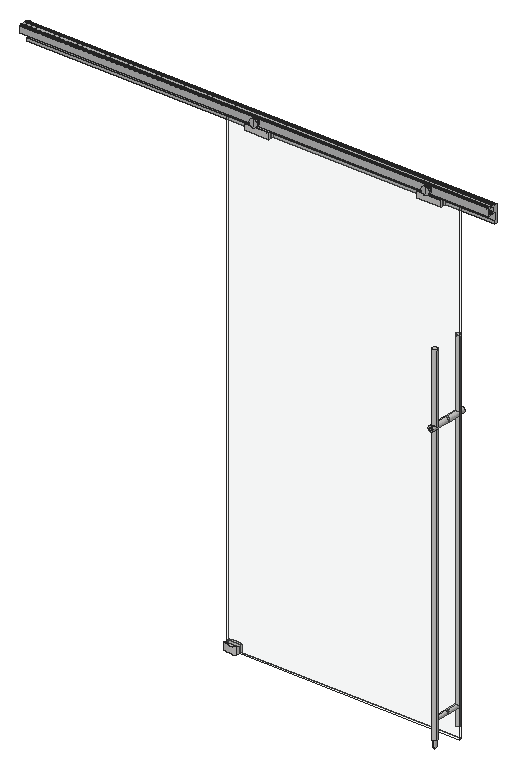
Revit family "Doors_Sliding_Avanti_Systems_Cloud-Assisted-Close-Premium-Sliding-Glass-Door_Glass-Mount-Dbl-Glazed", category Doors, Revit 2015
Parameters (values of type "Load Family Type Catalog")
  Youtube clip = ""
  Weight Net (Kg) = "0"
  Warranty = "1 year"  # constant formula
  Uniformat II Description = "Interior Doors"
  Uniformat II Code = "C1020"
  Uniclass 2015 Name = "Sliding door and partition sets"
  Uniclass 2015 Code = "Pr_30_59_24_80"
  Uniclass 2.0 Description = "Sliding Door And Partition Sets"
  Uniclass 2.0 Code = "PR-59-23-77"
  Uniclass 1.4 Description = "Doors"
  Uniclass 1.4 Code = "JL20"
  URL = "https://www.avantisystemsusa.com"
  UNSPSC Code = "30171501"
  Type Comments = ""
  Type = 1
  Thickness = if(Type = 1, 1/2", if(Type = 2, 3/8", if(Type = 3, 9/16", 9/16")))  # 1/2"
  Technical description = ""
  Sound Rating = 0
  Region South America = "All"
  Region Oceania = "All"
  Region North America = "All"
  Region Middle East = "All"
  Region Europe = "All"
  Region Asia = "All"
  Region Antarctica = "All"
  Region Africa = "All"
  Rail material = Polyester powder - Avanti - White aluminium METALLIC - RAL9006
  Rail Length [instance] = (Opening Width * 2) + 6 5/16"  # 80 5/16"
  QR code = "http://bimobject.com/avantisystems/product/avanti-cloud-assisted-close"
  Product url = "https://www.avantisystemsusa.com/glass-products/doors/sliding-doors/assisted-close/"
  Product group = "Assisted Close"
  Product family = "Sliding Doors"
  Product data url = "https://bimobject.com/avantisystems/product/avanti-cloud-assisted-close"
  Product certification = ""
  Product SKU = "avanti-cloud-assisted-close"
  Product Guid = "9d9dc9e6-079c-47eb-8ec1-d69015d0589f"
  Opening Width [instance] = 37"
  OmniClass Description = "Sliding All Glass Doors"
  OmniClass Code = "23-17 11 23 13"
  Nominal width = 0"
  Nominal height = 0"
  NBS Reference Description = "Sliding Door And Partition Sets"
  NBS Reference Code = "59-23-77"
  Model = "Cloud ™ Assisted Close Premium Sliding Glass Door"  # constant formula
  Material secondary = "Aluminium"
  Material main = "Glass"
  Masterformat 2014 Description = "Sliding Aluminum-Framed Glass Doors"
  Masterformat 2014 Code = "08 32 13"
  Manufacturer name = "Avanti Systems"
  Manufacturer country = ""
  Manufacturer = "Avanti Systems USA"  # constant formula
  Lock = "Thumb turn floor lock with a key"
  Ladder Pull Height [instance] = 18"
  LEED compatibility = "YES"
  Installation instructions = ""
  IFC Classification = "Door"
  Hardware material [instance] = Stainless Steel - Avanti- Brushed Finish
  Handle type [instance] = Handle : 60" Ladder Pull
  Glazing = "Safety Glazing SGCC"
  Glass Width [instance] = 40"
  Glass Material = Glass - Avanti - Laminated Glass
  Glass Marker = yes
  Glass Height [instance] = 81.93638"
  Gap Thickness = if(Type = 1, (25/64" + 5/64"), if(Type = 2, (33/64" + 5/64"), if(Type = 3, (21/64" + 5/64"), 21/64")))  # 15/32"
  Function = Interior
  Edition number = 1
  EAN code = ""
  Design country = "United States"
  Description = "Premium automated interior sliding glass door which can be integrated int the Solare Single Glazed, Solare Double Glazed, Elite Frree standing and a solid traditional wall."  # constant formula
  Date of publishing = ""
  Clear Anodic Finish = "AAMA 611, AA-M12c22A31, Class II, 0.01mm or thicker"
  COBIe Type Category = ""
  Brand url = "http://www.avantisystemsusa.com/"
  BIMobject main category code = "doors"
  BIMobject main category = "Doors"
  BIMobject category code = "doors-sliding"
  BIMobject category = "Sliding"
  Analytic Construction = "<None>"
Reference planes (in)
  plane 1 "Center (Front/Back)": y = 0
  plane 2: z = 0
  plane 3 "Center (Left/Right)": x = 3.24894
  plane 4: x = -15.25106
  plane 5: x = 21.74894
  plane 6 "Top": z = 80.90824
  plane 7 "Curtain_wall_center": y = 1.41797
  plane 8 "Curtain_wall_exterior": y = 1.66797
  plane 9 "Curtain_wall_interior": y = 1.16797
  plane 10 "Top_panel_height": z = 80.90824
  plane 11 "Doors_exterior": y = 2.63672
  plane 12 "Doors_center": y = 2.38672
  plane 13 "Doors_interior": y = 2.13672
  plane 14 "Door_offset_left": x = -16.75106
  plane 15 "Door_offset_right": x = 23.24894
  plane 16 "Door_offset_top": z = 82.40824
  plane 17 "Handle_placement_top": z = 18
  plane 18 "Handle_placement_level": x = 20.74894
  plane 19: x = -14.76823
  plane 20: z = 0.15191
  plane 21: x = -51.87606
  plane 22: x = 28.43644
  plane 23: x = 17.99894
  plane 24: x = -11.50106
  plane 25: z = 83.82431
  plane 26: z = 40.45412
  plane 27: z = 82.08829
Forms (in)
  Extrusion 1, solid, material "Glass - Avanti - Laminated Glass" <- "Glass Material"
    sketch origin (0, 0, 0) x (1, 0, 0) y (0, 1, 0)
      loop
        line (-16.75106, 2.63672) -> (-16.75106, 2.13672) -> (23.24894, 2.13672) -> (23.24894, 2.63672) -> (-16.75106, 2.63672)
    from 0.15191 to 82.08829
  Extrusion 2, solid, material "Stainless Steel - Avanti- Brushed Finish" <- "Hardware material"
    sketch origin (0, 0, 0) x (1, 0, 0) y (0, 1, 0)
      loop
        arc (-17.01409, 1.87078) -> (-15.89116, 1.66845) -> (-14.76823, 1.87078) r 3.2173
        line (-14.76823, 1.87078) -> (-14.76823, 2.90266)
        arc (-14.76823, 2.90266) -> (-15.89116, 3.10425) -> (-17.01409, 2.90266) r 3.22828
        line (-17.01409, 2.90266) -> (-17.01409, 1.87078)
    from 0 to 1.21575
  Extrusion 3, void
    sketch origin (3.24894, 0, 0) x (0, 1, 0) y (0, 0, 1)
      loop
        line (2.63672, 1.21575) -> (2.13672, 1.21575) -> (2.13672, 0.15191) -> (2.63672, 0.15191) -> (2.63672, 1.21575)
    from -20.26303 to -18.01717
  Sweep 4, solid, material "Polyester powder - Avanti - White aluminium METALLIC - RAL9006" <- "Rail material"
    path origin (0, 0, 0) x (1, 0, 0) y (0, 0, 1)
      loop
        line (28.43644, 82.40824) -> (-51.87606, 82.40824)
    profile origin (-11.71981, 0, 82.40824) x (0, 0, -1) y (0, -1, 0)
      loop
        line (1.5, -3.46128) -> (1.5, -3.06894) -> (1.06846, -3.06894) -> (1.06846, -3.19841) -> (1.44115, -3.19841) -> (1.44115, -3.40243) -> (-0.21029, -3.40243) -> (-0.21029, -2.6886) -> (-0.28288, -2.62007) -> (-0.35422, -2.62007) -> (-0.30759, -2.68424) -> (-0.35269, -2.84156) -> (-0.49515, -2.96109) -> (-1.16886, -2.96109) -> (-1.26774, -2.63768) -> (-1.35986, -2.60517) -> (-1.35986, -2.16352) -> (-1.26774, -2.13101) -> (-1.17966, -1.84292) -> (-0.4529, -1.84292) -> (-0.35275, -1.92696) -> (-0.30759, -2.08445) -> (-0.35415, -2.14854) -> (-0.27886, -2.14854) -> (-0.21029, -2.07996) -> (-0.21655, -1.76838) -> (-1.3847, -1.76838) -> (-1.3847, -1.87234) -> (-1.50502, -1.87234) -> (-1.50502, -1.93119) -> (-1.29283, -1.93119) -> (-1.33437, -2.06715) -> (-1.50502, -2.12736) -> (-1.50502, -2.68709) -> (-1.36928, -2.73499) -> (-1.31035, -2.92773) -> (-1.50502, -2.92773) -> (-1.50502, -2.98659) -> (-1.38759, -2.98659) -> (-1.38759, -3.40243) -> (-1.43855, -3.40243) -> (-1.43855, -3.46128) -> (1.5, -3.46128)
      loop
        line (-1.33266, -3.09056) -> (-1.33266, -3.40243) -> (-0.41191, -3.40243) -> (-0.41191, -3.09056) -> (-1.33266, -3.09056)
Cuts and joins
  Extrusion 3 cuts Extrusion 2
Lines and regions (in)
  symbolic lines, style "0"
    curve 1: line (-17.01409, 1.85906, 0) -> (-17.01409, 2.91526, 0)
    curve 2: line (-14.76823, 1.85906, 0) -> (-14.76823, 2.91526, 0)
    curve 3: circle (-16.75106, 2.375, 0) r 0.22256 normal (0, 0, 1)
    curve 4: circle (-16.75106, 2.375, 0) r 0.13151 normal (0, 0, 1)
    curve 5: circle (-15.03126, 2.375, 0) r 0.22256 normal (0, 0, 1)
    curve 6: circle (-15.03126, 2.375, 0) r 0.13151 normal (0, 0, 1)
    curve 7: arc (-15.42624, 2.00069, 0) -> (-15.29429, 2.375, 0) -> (-15.42624, 2.74931, 0) r 0.59687
    curve 8: arc (-16.35608, 2.74931, 0) -> (-16.48803, 2.375, 0) -> (-16.35608, 2.00069, 0) r 0.59687
    curve 9: arc (-14.76823, 2.91526, 0) -> (-15.89116, 3.10425, 0) -> (-17.01409, 2.91526, 0) r 3.43052
    curve 10: line (-14.76823, 2.74931, 0) -> (-17.01409, 2.74931, 0)
    curve 11: line (-14.76823, 2.00069, 0) -> (-17.01409, 2.00069, 0)
    curve 23: arc (-14.76823, 1.85906, 0) -> (-15.89116, 1.65673, 0) -> (-17.01409, 1.85906, 0) r 3.2173
    curve 37: line (-14.76823, 2.13672, 0) -> (23.24894, 2.13672, 0)
    curve 38: line (23.24894, 2.13672, 0) -> (23.24894, 2.63672, 0)
    curve 39: line (-14.76823, 2.63672, 0) -> (23.24894, 2.63672, 0)
    curve 40: line (3.24894, 2.63672, 0.15191) -> (3.24894, 2.63672, 82.08829)
    curve 41: line (3.24894, 2.13672, 0.15191) -> (3.24894, 2.63672, 0.15191)
    curve 42: line (3.24894, 2.13672, 82.08718) -> (3.24894, 2.13672, 0.15191)
  symbolic lines, style "0", not visible
    curve 12: line (-11.39483, 5.69093, 0) -> (-11.39483, 4.63472, 0)
    curve 13: line (-13.64069, 5.69093, 0) -> (-13.64069, 4.63472, 0)
    curve 14: circle (-11.65786, 5.17499, 0) r 0.22256 normal (0, 0, 1)
    curve 15: circle (-11.65786, 5.17499, 0) r 0.13151 normal (0, 0, 1)
    curve 16: circle (-13.37767, 5.17499, 0) r 0.22256 normal (0, 0, 1)
    curve 17: circle (-13.37767, 5.17499, 0) r 0.13151 normal (0, 0, 1)
    curve 18: arc (-12.98268, 5.5493, 0) -> (-13.11464, 5.17499, 0) -> (-12.98268, 4.80068, 0) r 0.59687
    curve 19: arc (-12.05285, 4.80068, 0) -> (-11.92089, 5.17499, 0) -> (-12.05285, 5.5493, 0) r 0.59687
    curve 20: arc (-13.64069, 4.63472, 0) -> (-12.51776, 4.44573, 0) -> (-11.39483, 4.63472, 0) r 3.43052
    curve 21: line (-13.64069, 4.80068, 0) -> (-11.39483, 4.80068, 0)
    curve 22: line (-13.64069, 5.5493, 0) -> (-11.39483, 5.5493, 0)
    curve 24: arc (-13.64069, 5.69093, 0) -> (-12.51776, 5.89326, 0) -> (-11.39483, 5.69093, 0) r 3.2173
  symbolic lines, style "0", detail levels medium+fine
    curve 25: circle (20.74894, 4.91063, 0) r 0.39445 normal (0, 0, 1)
    curve 26: line (20.43894, 4.66672, 0) -> (20.43894, 2.63672, 0)
    curve 27: line (21.06195, 4.67059, 0) -> (21.06195, 2.63672, 0)
    curve 28: circle (20.74894, -0.13719, 0) r 0.39445 normal (0, 0, -1)
    curve 29: line (20.43894, 0.10671, 0) -> (20.43894, 2.13672, 0)
    curve 30: line (21.06195, 0.10285, 0) -> (21.06195, 2.13672, 0)
  symbolic lines, style "0", not visible, detail levels medium+fine
    curve 31: circle (20.74894, 4.89891, 0) r 0.39445 normal (0, 0, 1)
    curve 32: line (20.43894, 4.65501, 0) -> (20.43894, 2.625, 0)
    curve 33: line (21.06195, 4.65887, 0) -> (21.06195, 2.625, 0)
    curve 34: circle (20.74894, -0.14891, 0) r 0.39445 normal (0, 0, -1)
    curve 35: line (20.43894, 0.09499, 0) -> (20.43894, 2.125, 0)
    curve 36: line (21.06195, 0.09113, 0) -> (21.06195, 2.125, 0)
  symbolic lines, visible <- "Glass Marker"
    curve 43: line (0.42051, -0.24998, 37.62569) -> (6.07737, -0.24998, 43.28255)
    curve 44: line (3.24894, -0.24998, 38.60616) -> (5.0969, -0.24998, 40.45412)
    curve 45: line (1.40098, -0.24998, 40.45412) -> (3.24894, -0.24998, 42.30208)
  symbolic lines, not visible
    curve 46: line (1.40098, 0.25002, 40.45412) -> (5.0969, 0.25002, 40.45412)
    curve 51: line (-1.84534, 0.25002, 22.66367) -> (1.85057, 0.25002, 22.66367)
  model lines, not visible
    curve 47: line (3.24894, 0.25002, 38.60616) -> (3.24894, 0.25002, 42.30208)
    curve 52: line (0.00262, 0.25002, 20.81572) -> (0.00262, 0.25002, 24.51163)
  symbolic lines, visible <- "Glass Marker", not visible
    curve 48: line (-2.82581, -0.24998, 19.83525) -> (2.83104, -0.24998, 25.4921)
    curve 49: line (0.00262, -0.24998, 20.81572) -> (1.85057, -0.24998, 22.66367)
    curve 50: line (-1.84534, -0.24998, 22.66367) -> (0.00262, -0.24998, 24.51163)
  symbolic lines, style "DoorsHiddenLines", not visible
    curve 53: line (-16.26409, 2.38672, 0) -> (-16.07572, 2.38672, 0)
    curve 54: line (-12.14483, 5.16327, 0) -> (-12.33321, 5.16327, 0)
Text (in)
  text "Exterior" at (-45.72835, 31.38743, 0), in view "Ref. Level"
Dimensions and locks (in)
  equal spacing: plane 4, plane 3 "Center (Left/Right)", plane 5  (x2)
  equal spacing: plane 8 "Curtain_wall_exterior", plane 7 "Curtain_wall_center", plane 9 "Curtain_wall_interior"
  equal spacing: plane 11 "Doors_exterior", plane 12 "Doors_center", plane 13 "Doors_interior"
  "Gap Thickness": plane 13 "Doors_interior" to plane 8 "Curtain_wall_exterior"
  locked: plane 5 to plane 15 "Door_offset_right" at 1.5
  locked: plane 14 "Door_offset_left" to plane 4 at 1.5
  "Thickness": plane 11 "Doors_exterior" to plane 13 "Doors_interior"
  "Thickness": plane 8 "Curtain_wall_exterior" to plane 9 "Curtain_wall_interior"
  "Ladder Pull Height": plane 2 to plane 17 "Handle_placement_top"
  locked: plane 18 "Handle_placement_level" to plane 15 "Door_offset_right" at 2.5
  equal spacing: plane 14 "Door_offset_left", plane 3 "Center (Left/Right)", plane 15 "Door_offset_right"
  "Opening Width": plane 4 to plane 5
  locked: plane 4 to plane 19 at 0.48283
  locked: plane 18 "Handle_placement_level" to curve 27 at 0.31301
  locked: plane 18 "Handle_placement_level" to curve 30 at 0.31301
  Extrusion 1 to Extrusion 1 = 1/2"
  locked: plane 5 to plane 22 at 6.6875
  "Rail Length": plane 21 to plane 22
  plane 11 "Doors_exterior" to plane 13 "Doors_interior" = 1/2"
  locked: plane 23 to plane 15 "Door_offset_right" at 5.25
  locked: plane 14 "Door_offset_left" to plane 24 at 5.25
  locked: plane 16 "Door_offset_top" to Extrusion 1 at 0.31995
  locked: plane 10 "Top_panel_height" to plane 25 at 2.91607
  equal spacing: plane 2, plane 26, plane 6 "Top"
  "Glass Width": plane 14 "Door_offset_left" to plane 15 "Door_offset_right"
  locked: plane 2 to plane 20 at 0.15191
  "Glass Height": plane 20 to plane 27
  locked: plane 26 to nested 7 at 7
  locked: plane 10 "Top_panel_height" to plane 16 "Door_offset_top" at 1.5
  locked: plane 27 to plane 16 "Door_offset_top" at 0.31995
  aligned and locked: level to plane 2
  aligned and locked: Extrusion 1 sketch curve to plane 11 "Doors_exterior"
  aligned and locked: Extrusion 1 sketch curve to plane 14 "Door_offset_left"
  aligned and locked: plane 13 "Doors_interior" to Extrusion 1 sketch curve
  aligned and locked: plane 15 "Door_offset_right" to Extrusion 1 sketch curve
  aligned and locked: curve 2 to plane 19
  aligned and locked: plane 11 "Doors_exterior" to curve 27
  aligned and locked: plane 11 "Doors_exterior" to curve 26
  aligned and locked: plane 13 "Doors_interior" to curve 30
  aligned and locked: plane 13 "Doors_interior" to curve 29
  aligned and locked: plane 11 "Doors_exterior" to Extrusion 3 sketch curve
  aligned and locked: Extrusion 3 sketch curve to plane 13 "Doors_interior"
  aligned and locked: Extrusion 2 to Extrusion 3 sketch curve
  aligned and locked: curve 40 to Extrusion 1
  aligned and locked: curve 42 to cut or joined group of Extrusion 2, Extrusion 3
  aligned and locked: cut or joined group of Extrusion 2, Extrusion 3 to plane 2
  aligned and locked: Sweep 4 sketch curve to plane 16 "Door_offset_top"
  aligned and locked: plane 22 to Sweep 4 sketch curve
  aligned and locked: plane 21 to Sweep 4 sketch curve
  aligned and locked: nested 1 to plane 10 "Top_panel_height"
  aligned and locked: nested 1 to curve 42
  aligned and locked: curve 40 to nested 1
  aligned and locked: Sweep 4 to plane 10 "Top_panel_height"  (x2)
  aligned and locked: nested 2 to nested 1
  aligned and locked: nested 2 to plane 12 "Doors_center"
  aligned and locked: nested 2 to plane 23
  aligned and locked: nested 3 to plane 24
  aligned and locked: nested 3 to nested 2
  aligned and locked: Extrusion 1 to nested 3
  aligned and locked: nested 5 to plane 23
  aligned and locked: nested 4 to plane 24
  aligned and locked: nested 5 to plane 25
  aligned and locked: nested 4 to plane 25
  aligned and locked: plane 25 to nested 5  (x2)
  aligned and locked: nested 4 to nested 1
  aligned and locked: nested 5 to nested 1
  aligned and locked: Extrusion 1 to cut or joined group of Extrusion 2, Extrusion 3
  aligned and locked: plane 3 "Center (Left/Right)" to curve 47
  aligned and locked: plane 26 to curve 46
  aligned and locked: plane 27 to Extrusion 1
  aligned and locked: Extrusion 1 to plane 20
  aligned and locked: plane 3 "Center (Left/Right)" to nested 6
  aligned and locked: plane 3 "Center (Left/Right)" to nested 7
  aligned and locked: plane 6 "Top" to plane 10 "Top_panel_height"
  aligned and locked: plane 12 "Doors_center" to nested 1
  aligned and locked: Sweep 4 to nested 1
  aligned and locked: plane 12 "Doors_center" to nested 3
  aligned and locked: curve 53 to plane 12 "Doors_center"
  aligned and locked: plane 18 "Handle_placement_level" to nested 8
  aligned and locked: plane 2 to nested 8
  aligned and locked: plane 11 "Doors_exterior" to nested 8
Automatic sketch dimensions
  Extrusion 2 sketch curve to plane 19 = 0"
  plane 4 to Extrusion 2 sketch curve = 0.6401"  (x2)
  plane 1 "Center (Front/Back)" to Extrusion 2 sketch curve = 0.12403"
  plane 14 "Door_offset_left" to Extrusion 2 sketch curve = 0.26303"
  Extrusion 2 sketch curve to plane 13 "Doors_interior" = 0.26594"
  plane 11 "Doors_exterior" to Extrusion 2 sketch curve = 0.26594"
  plane 11 "Doors_exterior" to Extrusion 2 sketch curve = 2.24903"
  curve 42 to plane 16 "Door_offset_top" = 0.32106"
  curve 37 to plane 13 "Doors_interior" = 0"
  curve 37 to plane 19 = 0"
  curve 39 to plane 11 "Doors_exterior" = 0"
  curve 39 to plane 19 = 0"
  curve 39 to plane 15 "Door_offset_right" = 0"
  level to Extrusion 3 sketch curve = 0.15191"
  profile plane to Sweep 4 sketch curve = 1.50502"
  Sweep 4 sketch curve to Sweep 4 sketch curve = 0"  (x2)
  Sweep 4 sketch curve to Sweep 4 sketch curve = 0.06647"
  Sweep 4 sketch curve to Sweep 4 sketch curve = 0.05096"
  Sweep 4 sketch curve to Sweep 4 sketch curve = 0.12032"
  Sweep 4 sketch curve to Sweep 4 sketch curve = 0.13574"
  Sweep 4 sketch curve to Sweep 4 sketch curve = 0.14516"
  Sweep 4 sketch curve to Sweep 4 sketch curve = 0.02549"
  Sweep 4 sketch curve to Sweep 4 sketch curve = 0.05492"
  Sweep 4 sketch curve to Sweep 4 sketch curve = 0.07724"
  Sweep 4 sketch curve to Sweep 4 sketch curve = 0.09187"
  Sweep 4 sketch curve to Sweep 4 sketch curve = 0.09212"
  Sweep 4 sketch curve to Sweep 4 sketch curve = 0.06663"
  Sweep 4 sketch curve to Sweep 4 sketch curve = 0.11316"
  Sweep 4 sketch curve to Sweep 4 sketch curve = 0.14149"
  profile plane to Sweep 4 sketch curve = 0.49515"
  profile plane to Sweep 4 sketch curve = 0.4529"
  profile plane to Sweep 4 sketch curve = 0.41191"
  profile plane to Sweep 4 sketch curve = 0.35422"
  Sweep 4 sketch curve to Sweep 4 sketch curve = 0.09875"
  Sweep 4 sketch curve to Sweep 4 sketch curve = 0.10016"
  Sweep 4 sketch curve to Sweep 4 sketch curve = 0.14245"
  Sweep 4 sketch curve to Sweep 4 sketch curve = 0.04662"
  Sweep 4 sketch curve to Sweep 4 sketch curve = 0.04656"
  Sweep 4 sketch curve to Sweep 4 sketch curve = 0.02472"
  Sweep 4 sketch curve to Sweep 4 sketch curve = 0.02873"
  Sweep 4 sketch curve to Sweep 4 sketch curve = 0.13619"
  Sweep 4 sketch curve to Sweep 4 sketch curve = 0.06857"  (x2)
  Sweep 4 sketch curve to Sweep 4 sketch curve = 0.09731"  (x2)
  Sweep 4 sketch curve to profile plane = 1.06846"
  Sweep 4 sketch curve to Sweep 4 sketch curve = 0.37269"
  Sweep 4 sketch curve to Sweep 4 sketch curve = 0.05885"  (x5)
  Sweep 4 sketch curve to plane 1 "Center (Front/Back)" = 3.46128"
  Sweep 4 sketch curve to Sweep 4 sketch curve = 0.20403"
  Sweep 4 sketch curve to Sweep 4 sketch curve = 0.31188"
  Sweep 4 sketch curve to Sweep 4 sketch curve = 0.12946"
  Sweep 4 sketch curve to Sweep 4 sketch curve = 0.10397"
  Sweep 4 sketch curve to Sweep 4 sketch curve = 0.12947"
  Sweep 4 sketch curve to Sweep 4 sketch curve = 0.05886"
  Sweep 4 sketch curve to Sweep 4 sketch curve = 0.11952"
  Sweep 4 sketch curve to Sweep 4 sketch curve = 0.19274"
  Sweep 4 sketch curve to Sweep 4 sketch curve = 0.15296"
  Sweep 4 sketch curve to Sweep 4 sketch curve = 0.04791"
  Sweep 4 sketch curve to Sweep 4 sketch curve = 0.00436"
  Sweep 4 sketch curve to Sweep 4 sketch curve = 0.06417"
  Sweep 4 sketch curve to Sweep 4 sketch curve = 0.03251"  (x2)
  Sweep 4 sketch curve to Sweep 4 sketch curve = 0.44164"
  Sweep 4 sketch curve to Sweep 4 sketch curve = 0.47153"
  Sweep 4 sketch curve to Sweep 4 sketch curve = 0.03616"
  Sweep 4 sketch curve to Sweep 4 sketch curve = 0.06409"
  Sweep 4 sketch curve to Sweep 4 sketch curve = 0.06386"
  Sweep 4 sketch curve to Sweep 4 sketch curve = 0.13595"
  Sweep 4 sketch curve to Sweep 4 sketch curve = 0.15749"
  Sweep 4 sketch curve to Sweep 4 sketch curve = 0.08828"
  Sweep 4 sketch curve to Sweep 4 sketch curve = 0.15858"
  curve 40 to plane 27 = 0"
  curve 42 to plane 20 = 0"
  curve 3 to curve 4 = 0"  (x2)
  curve 5 to curve 6 = 0"  (x2)
  curve 7 to curve 8 = 0"  (x2)
  curve 10 to curve 6 = 0.26303"
  curve 5 to curve 8 = 0.8599"
  curve 2 to curve 23 = 1.12293"
  curve 2 to curve 9 = 1.12293"
  curve 7 to curve 3 = 0.8599"
  curve 3 to curve 1 = 0.26303"
  curve 23 to curve 1 = 1.95876"
  curve 9 to curve 7 = 0.54026"
  curve 1 to curve 3 = 0.54026"
  curve 9 to curve 6 = 0.54026"
  curve 5 to curve 2 = 0.51594"
  curve 23 to curve 9 = 2.18533"
  curve 5 to curve 7 = 0.39498"  (x2)
  curve 7 to curve 53 = 0.18456"
  curve 53 to curve 53 = 0.18837"
  curve 53 to curve 8 = 0.09199"
  curve 1 to curve 10 = 0.16595"
  curve 53 to curve 7 = 3/256"
  curve 14 to curve 15 = 0"  (x2)
  curve 16 to curve 17 = 0"  (x2)
  curve 18 to curve 19 = 0"  (x2)
  curve 21 to curve 17 = 0.26303"
  curve 16 to curve 19 = 0.8599"
  curve 13 to curve 24 = 1.12293"
  curve 13 to curve 20 = 1.12293"
  curve 18 to curve 14 = 0.8599"
  curve 14 to curve 12 = 0.26303"
  curve 24 to curve 12 = 1.95876"
  curve 20 to curve 18 = 0.54026"
  curve 12 to curve 14 = 0.54026"
  curve 20 to curve 17 = 0.54026"
  curve 16 to curve 13 = 0.51594"
  curve 24 to curve 20 = 2.18533"
  curve 16 to curve 18 = 0.39498"  (x2)
  curve 18 to curve 54 = 0.18456"
  curve 54 to curve 54 = 0.18837"
  curve 54 to curve 19 = 0.09199"
  curve 12 to curve 21 = 0.16595"
  curve 54 to curve 18 = 3/256"
  radius of curve 3 = 0.22256"
  radius of curve 4 = 0.13151"
  radius of curve 5 = 0.22256"
  radius of curve 6 = 0.13151"
  radius of curve 14 = 0.22256"
  radius of curve 15 = 0.13151"
  radius of curve 16 = 0.22256"
  radius of curve 17 = 0.13151"
Nested families (in)
  nested 1: "Trolley" at (3.24894, 2.42685, 82.63384) x (0, 1, 0) z (1, 0, 0), type "Trolley_section"
  nested 2: "Sidelite Transom Fitting" at (17.99894, 2.38672, 81.08761), type "Sidelite Transom Fitting"
  nested 3: "Sidelite Transom Fitting" at (-11.50106, 2.38672, 81.08761) x (-1, 0, 0) z (0, 0, 1), type "Sidelite Transom Fitting"
  nested 4: "Glass to Bar Connector" at (-11.50106, 1.76838, 83.82431), type "Glass to Bar Connector", detail levels medium+fine
  nested 5: "Glass to Bar Connector" at (17.99894, 1.76838, 83.82431), type "Glass to Bar Connector", detail levels medium+fine
  nested 6: "Arrow" at (3.24894, 4.49931, 0), type "Arrow"
  nested 7: "Arrow" at (3.24894, 0, 47.45412) x (1, 0, 0) z (0, -1, 0), type "Arrow"
  nested 8: "Handle" at (22.37394, 4.01172, 38) x (-1, 0, 0) z (0, 1, 0), type <- "Handle type", type "60" Ladder Pull", detail levels medium+fine
    with Locker yes
Definition of nested family "Sidelite Transom Fitting"
  Parameters (values of type "Sidelite Transom Fitting")
    Thickness = 1/2"
    Side Width = (211/256" - Thickness) / 2  # 0.16211"
    Material = none
  Reference planes (in)
    plane 1 "Center (Front/Back)": y = 0
    plane 2: z = 0
    plane 3 "Center (Left/Right)": x = 0
  Forms (in)
    Revolve 1, solid, material <- "Material"
      sketch origin (0, 0, 2.82565) x (0, 1, 0) y (0, 0, 1)
        loop
          line (-0.45453, -0.75278) -> (-0.2116, -0.75278) -> (-0.2116, -0.40613) -> (-0.29006, -0.32767) -> (-0.34034, -0.32767) -> (-0.45453, -0.37648) -> (-0.45453, -0.75278)
        axis (-0.45453, -0.75278) -> (-0.2116, -0.75278)
      angle from 0 to 360
    Revolve 2, solid, material <- "Material"
      sketch origin (0, 0, 2.82565) x (0, -1, 0) y (0, 0, -1)
        loop
          line (-0.45453, 0.75278) -> (-0.45453, 0.37648) -> (-0.34034, 0.32767) -> (-0.29006, 0.32767) -> (-0.2116, 0.40613) -> (-0.2116, 0.75278) -> (-0.45453, 0.75278)
        axis (-0.45453, 0.75278) -> (-0.2116, 0.75278)
      angle from 0 to 360
    Revolve 3, solid, material <- "Material"
      sketch origin (0, 0, 2.82565) x (0, 1, 0) y (0, 0, 1)
        loop
          line (0, -0.26792) -> (0, -1.78574) -> (0.26651, -1.78574) -> (0.26651, -1.632) -> (0.15099, -1.632) -> (0.15099, -1.34693) -> (0.19488, -1.34693) -> (0.19488, -0.61026) -> (0.29006, -0.61026) -> (0.29006, -0.5191) -> (0.16124, -0.5191) -> (0.16124, -0.27074) -> (0, -0.26792)
        axis (0, -0.26792) -> (0, -1.78574)
      angle from 0 to 360
    Extrusion 4, solid, material <- "Material"
      sketch origin (0, 0, 2.82565) x (0, 1, 0) y (0, 0, 1)
        loop
          line (-0.33427, -1.82608) -> (-0.41211, -1.82608) -> (-0.41211, -2.82565) -> (-0.25, -2.82565) -> (-0.25, -1.82497) -> (0.25, -1.82497) -> (0.25, -2.82565) -> (0.41211, -2.82565) -> (0.41211, -1.82497) -> (0.3052, -1.82497) -> (0.3052, -1.78574) -> (-0.33427, -1.78574) -> (-0.33427, -1.82608)
      from -2.0625 to 2.0625
  Dimensions and locks (in)
    "Side Width": Extrusion 4 to Extrusion 4  (x2)
    locked: Extrusion 4 to plane 1 "Center (Front/Back)" at 0.41211
    aligned and locked: level to plane 2
  Automatic sketch dimensions
    plane 1 "Center (Front/Back)" to Revolve 1 sketch curve = 0.45453"
    Revolve 1 sketch curve to Revolve 1 sketch curve = 0.1142"
    Revolve 1 sketch curve to Revolve 1 sketch curve = 0.05027"
    Revolve 1 sketch curve to Revolve 1 sketch curve = 0.07847"
    level to Revolve 1 sketch curve = 2.07286"
    Revolve 1 sketch curve to Revolve 1 sketch curve = 0.34665"
    Revolve 1 sketch curve to Revolve 1 sketch curve = 0.02966"
    Revolve 1 sketch curve to Revolve 1 sketch curve = 0.04881"
    Revolve 1 sketch curve to Revolve 1 sketch curve = 0"  (x3)
    Revolve 2 sketch curve to plane 1 "Center (Front/Back)" = 0.45453"
    Revolve 2 sketch curve to Revolve 2 sketch curve = 0.1142"
    Revolve 2 sketch curve to Revolve 2 sketch curve = 0.05027"
    Revolve 2 sketch curve to Revolve 2 sketch curve = 0.07847"  (x2)
    level to Revolve 2 sketch curve = 2.49798"
    Revolve 2 sketch curve to Revolve 2 sketch curve = 0.04881"
    Revolve 2 sketch curve to Revolve 2 sketch curve = 0.34665"
    Revolve 2 sketch curve to Revolve 2 sketch curve = 0"  (x3)
    Revolve 3 sketch curve to plane 1 "Center (Front/Back)" = 0"  (x2)
    Revolve 3 sketch curve to plane 1 "Center (Front/Back)" = 0.15099"
    Revolve 3 sketch curve to plane 1 "Center (Front/Back)" = 0.16124"
    Revolve 3 sketch curve to Revolve 3 sketch curve = 0.04389"
    Revolve 3 sketch curve to Revolve 3 sketch curve = 0.11551"
    Revolve 3 sketch curve to Revolve 3 sketch curve = 0.09519"
    level to Revolve 3 sketch curve = 1.03991"
    Revolve 3 sketch curve to Revolve 3 sketch curve = 0.15374"
    Revolve 3 sketch curve to Revolve 3 sketch curve = 0.28507"
    Revolve 3 sketch curve to Revolve 3 sketch curve = 0.73667"
    Revolve 3 sketch curve to Revolve 3 sketch curve = 0.09116"
    Revolve 3 sketch curve to Revolve 3 sketch curve = 0.24836"
    Revolve 3 sketch curve to Revolve 3 sketch curve = 0.00282"
    Revolve 3 sketch curve to level = 75.91451"
    Revolve 3 sketch curve to Revolve 3 sketch curve = 79.00808"
    Extrusion 4 sketch curve to level = 0"  (x2)
    plane 1 "Center (Front/Back)" to Extrusion 4 sketch curve = 0.41211"
    Extrusion 4 sketch curve to Extrusion 4 sketch curve = 0.07784"
    Extrusion 4 sketch curve to Extrusion 4 sketch curve = 0.16211"  (x2)
    Extrusion 4 sketch curve to plane 1 "Center (Front/Back)" = 1/4"
    Extrusion 4 sketch curve to Extrusion 4 sketch curve = 0.0552"
    level to Extrusion 4 sketch curve = 0.99957"
    Extrusion 4 sketch curve to Extrusion 4 sketch curve = 0.00111"
    Extrusion 4 sketch curve to Extrusion 4 sketch curve = 0"
    Extrusion 4 sketch curve to Extrusion 4 sketch curve = 0.04034"
Definition of nested family "Glass to Bar Connector"
  Parameters (values of type "Glass to Bar Connector")
    material = none
  Reference planes (in)
    plane 1 "Center (Front/Back)": y = 0
    plane 2: z = 0
    plane 3 "Center (Left/Right)": x = 0
  Forms (in)
    Revolve 1, solid, material <- "material"
      sketch origin (0, -1.69381, -72.91607) x (0, 1, 0) y (0, 0, 1)
        loop
          line (1.11288, 72.30062) -> (1.69381, 72.30062) -> (1.69381, 72.91607) -> (1.62078, 72.91607) -> (1.62078, 72.79053) -> (1.23841, 72.79053) -> (1.11288, 72.93176) -> (1.11288, 72.30062)
        axis (1.69381, 72.30062) -> (1.11288, 72.30062)
      angle from 0 to 360
  Lines and regions (in)
    reference lines
      curve 1: line (-0.61544, 0, 0) -> (0.63113, 0, 0)
      curve 2: line (-0.61544, -0.58094, 0) -> (-0.61544, 0, 0)
      curve 3: line (0.63113, -0.58094, 0) -> (-0.61544, -0.58094, 0)
      curve 4: line (0.63113, 0, 0) -> (0.63113, -0.58094, 0)
      curve 5: line (0, 0, 0) -> (0, -0.58094, 0)
      curve 6: line (0, 0, -1.24658) -> (0, 0, 0)
      curve 7: line (0, -0.58094, -1.24658) -> (0, 0, -1.24658)
      curve 8: line (0, -0.58094, 0) -> (0, -0.58094, -1.24658)
  Dimensions and locks (in)
    aligned and locked: level to plane 2
Definition of nested family "Handle"
  Parameters (values of type "48" Ladder Pull")
    Width = 54.28299"
    Type = 3
    Ladder Pool Height = 18"
    Ladder 60" = if(Type = 5, 1 = 1, 1 = 0)  # no
    Ladder = if(Type = 3, 1 = 1, 1 = 0)  # yes
    Thickness = 1/2"
    Panic hardware = if(Type = 4, 1 = 1, 1 = 0)  # no
    Material = none
    Locker [instance] = yes
    Height = 90 9/16"
    Glass door = if(Type = 2, 1 = 1, 1 = 0)  # no
    Framed door = if(Type = 1, 1 = 1, 1 = 0)  # no
    Default Elevation = 48"
  Types (2): name | Type | Ladder 60" | Ladder
    60" Ladder Pull | 5 | yes | no
    48" Ladder Pull | 3 | no | yes
  Reference planes (in)
    plane 1 "Center (Front/Back)": y = 0
    plane 2: z = 0
    plane 3 "Center (Left/Right)": x = 0
    plane 4 "door_up": z = -1.375
    plane 5 "door_down": z = -1.875
    plane 6: z = -3.25
    plane 7: x = -1.25
    plane 8: x = -43.31449
    plane 9: x = -46.03299
    plane 10: x = -43.31449
    plane 11: y = 51.9375
    plane 12: y = 0.625
    plane 13: y = 11.125
    plane 14: y = 52.5625
    plane 15: y = -38
    plane 16: x = -50.15799
    plane 17 "door": x = 4.125
    plane 18: x = 1.625
    plane 19: y = -20
  Forms (in)
    Sweep 1, solid, material <- "Material", visible <- "Panic hardware"
      path origin (0, 0, 0) x (1, 0, 0) y (0, 1, 0)
        loop
          line (-1.25, 51.9375) -> (-1.25, 4.25)
          arc (-1.25, 4.25) -> (-2.12868, 2.12868) -> (-4.25, 1.25) r 3
          line (-4.25, 1.25) -> (-43.31449, 1.25)
      profile origin (-1.25, 28.09375, 0) x (1, 0, 0) y (0, 0, 1)
        loop
          circle (0.625, 0.625) r 0.625
    Sweep 2, solid, material <- "Material", visible <- "Panic hardware"
      path origin (0, 0, 0) x (1, 0, 0) y (0, 0, 1)
        loop
          line (-43.31449, 0) -> (-44.06449, 0)
          arc (-44.06449, 0) -> (-44.57255, -0.21044) -> (-44.78299, -0.7185) r 0.7185
          line (-44.78299, -0.7185) -> (-44.78299, -1.375)
      profile origin (-43.68949, 0, 0) x (0, 0, -1) y (0, -1, 0)
        loop
          circle (-0.625, -0.625) r 0.625
    Sweep 3, solid, material <- "Material", visible <- "Panic hardware"
      path origin (0, 0, -6.75) x (1, 0, 0) y (0, 0, -1)
        loop
          line (-43.31449, -3.5) -> (-44.06449, -3.5)
          arc (-44.06449, -3.5) -> (-44.57255, -3.71044) -> (-44.78299, -4.2185) r 0.7185
          line (-44.78299, -4.2185) -> (-44.78299, -4.875)
      profile origin (-43.68949, 0, -3.25) x (0, 0, -1) y (0, -1, 0)
        loop
          circle (0.625, -0.625) r 0.625
    Sweep 4, solid, material <- "Material", visible <- "Panic hardware"
      path origin (-30, 0, -6.75) x (-1, 0, 0) y (0, 0, -1)
        loop
          line (13.31449, -3.5) -> (-28.0315, -3.5)
          arc (-28.0315, -3.5) -> (-28.53956, -3.71044) -> (-28.75, -4.2185) r 0.7185
          line (-28.75, -4.2185) -> (-28.75, -4.875)
      profile origin (-22.6415, 0, -3.25) x (0, 0, 1) y (0, -1, 0)
        loop
          circle (-0.625, -0.625) r 0.625
  Cuts and joins
    joined: Sweep 1, Sweep 2
    joined: Sweep 3, Sweep 4
  Dimensions and locks (in)
    "Thickness": plane 5 "door_down" to plane 4 "door_up"
    locked: plane 3 "Center (Left/Right)" to plane 7 at 1.25
    locked: plane 9 to plane 8 at 2.7185
    locked: plane 9 to Sweep 3 sketch curve at 1.25
    locked: Sweep 2 sketch curve to plane 9 at 1.25
    locked: plane 10 to plane 9 at 2.7185
    locked: Sweep 1 sketch curve to plane 1 "Center (Front/Back)" at 1.25
    locked: plane 3 "Center (Left/Right)" to nested 1 at 0.125
    locked: plane 4 "door_up" to plane 2 at 1.375
    locked: plane 6 to plane 5 "door_down" at 1.375
    locked: plane 12 to plane 1 "Center (Front/Back)" at 0.625
    locked: plane 13 to plane 12 at 10.5
    locked: plane 14 to plane 11 at 0.625
    "Height": plane 14 to plane 15
    locked: plane 1 "Center (Front/Back)" to plane 15 at 38
    locked: plane 3 "Center (Left/Right)" to plane 17 "door" at 4.125
    "Width": plane 16 to plane 17 "door"
    locked: plane 16 to plane 10 at 6.8435
    locked: plane 18 to plane 17 "door" at 2.5
    "Ladder Pool Height": plane 19 to plane 15
    aligned and locked: level to plane 2
    aligned and locked: plane 4 "door_up" to cut or joined group of Sweep 1, Sweep 2
    aligned and locked: Sweep 2 sketch curve to plane 4 "door_up"
    aligned and locked: Sweep 3 sketch curve to plane 5 "door_down"
    aligned and locked: plane 6 to Sweep 3 sketch curve
    aligned and locked: plane 7 to Sweep 4 sketch curve
    aligned and locked: Sweep 4 sketch curve to plane 6
    aligned and locked: plane 8 to Sweep 4 sketch curve
    aligned and locked: plane 8 to Sweep 3 sketch curve
    aligned and locked: plane 10 to Sweep 2 sketch curve
    aligned and locked: plane 10 to Sweep 1 sketch curve
    aligned and locked: plane 11 to Sweep 1 sketch curve
    aligned and locked: plane 5 "door_down" to Sweep 4 sketch curve
    aligned and locked: nested 1 to plane 4 "door_up"
    aligned and locked: plane 13 to nested 1
    aligned and locked: nested 2 to plane 4 "door_up"
    aligned and locked: plane 3 "Center (Left/Right)" to nested 2
    aligned and locked: nested 2 to plane 11
    aligned and locked: nested 2 to plane 14
    aligned and locked: plane 18 to nested 3
    aligned and locked: plane 1 "Center (Front/Back)" to nested 3
    aligned and locked: nested 4 to plane 18
    aligned and locked: nested 4 to plane 1 "Center (Front/Back)"
    aligned and locked: nested 5 to plane 4 "door_up"
    aligned and locked: nested 5 to plane 17 "door"
    aligned and locked: nested 5 to plane 1 "Center (Front/Back)"
    aligned and locked: nested 6 to plane 4 "door_up"
    aligned and locked: plane 5 "door_down" to nested 7
    aligned and locked: nested 7 to plane 19
    aligned and locked: plane 19 to nested 6
    aligned and locked: nested 6 to plane 18
    aligned and locked: nested 7 to plane 18
    aligned and locked: plane 4 "door_up" to nested 8
    aligned and locked: plane 15 to nested 8
    aligned and locked: plane 5 "door_down" to nested 9
    aligned and locked: nested 9 to plane 15
    aligned and locked: plane 18 to nested 8
    aligned and locked: plane 18 to nested 9
  Nested families (in)
    nested 1: "Family2" at (-1.125, 11.125, 0.22234), visible <- "Panic hardware", type "Family2"
      with Lock yes
    nested 2: "Family3" at (-0.26102, 51.9375, -1.63602), visible <- "Panic hardware", type "Family3"
      with Thickness 1/2"
    nested 3: "Handle Timber" at (1.625, 0, -1.875), Locker <- "Locker", visible <- "Framed door", type "Handle Timber"
      with Locker yes
    nested 4: "Handle Timber" at (1.625, 0, -1.375) x (1, 0, 0) z (0, 0, -1), Locker <- "Locker", visible <- "Framed door", type "Handle Timber"
      with Locker yes
    nested 5: "Hinged Framed Swing locker" at (3.22214, -1.5625, -5.625), Handle and assembly material <- "Material", visible <- "Glass door", type "Hinged Framed Swing locker"
      with Handle and assembly material none
    nested 6: "Handle_For-Glass_Rounded_600mm" at (1.625, 13.36577, -1.375) x (-1, 0, 0) z (0, 0, -1), Handle Material <- "Material", visible <- "Ladder", type "Handle_For-Glass_Rounded_600mm"
      with Handle Material none, Handle Height 48"
    nested 7: "Handle_For-Glass_Rounded_600mm" at (1.625, -5.36577, -1.875) x (-1, 0, 0) z (0, 0, 1), Handle Material <- "Material", visible <- "Ladder", type "Handle_For-Glass_Rounded_600mm"
      with Handle Material none, Handle Height 48"
    nested 8: "Handle_For-Glass_Rounded_60in" at (1.625, 2.47039, -1.375), visible <- "Ladder 60"", Handle Material <- "Material", type "60""
      with No locker yes, Locker no, Handle Material none, Handle Height 60"
    nested 9: "Handle_For-Glass_Rounded_60in2" at (1.625, 2.47039, -1.875), visible <- "Ladder 60"", Handle Material <- "Material", type "60""
      with No locker no, Locker yes, Handle Material none, Handle Height 60"
  Definition of nested family "Family2"
    Parameters (values of type "Family2")
      Thickness = 1/2"
      Material = none
      Lock = no
    Reference planes (in)
      plane 1 "Center (Front/Back)": y = 0
      plane 2: z = 0
      plane 3 "Center (Left/Right)": x = 0
      plane 4: z = -2.09734
      plane 5: z = -1.59734
    Forms (in)
      Extrusion 1, solid, material <- "Material"
        sketch origin (0, 0, 0) x (0, 1, 0) y (0, 0, 1)
          loop
            line (5.04078, -0.345) -> (5.04078, 0) -> (-2.39922, 0) -> (-2.39922, -0.345) -> (5.04078, -0.345)
        from 0 to 1
      Extrusion 2, solid, material <- "Material"
        sketch origin (0, 0, 0) x (0, 1, 0) y (0, 0, 1)
          loop
            line (-0.3074, -0.345) -> (-1.4374, -0.345) -> (-1.4374, -1.31734) -> (-0.3074, -1.31734) -> (-0.3074, -0.345)
        from 0.32565 to 0.66353
      Extrusion 3, solid, material <- "Material"
        sketch origin (0, 0, 0) x (0, 1, 0) y (0, 0, 1)
          loop
            line (-1.4374, -1.31734) -> (-1.4374, -1.59734) -> (1.43807, -1.59734) -> (1.43807, -1.31734) -> (-1.4374, -1.31734)
          loop
            line (1.45803, -2.09734) -> (-1.41697, -2.09734) -> (-1.41697, -3.82961)
            arc (-1.41697, -3.82961) -> (-1.36191, -3.96254) -> (-1.22897, -4.01761) r 0.188
            line (-1.22897, -4.01761) -> (1.27003, -4.01761)
            arc (1.27003, -4.01761) -> (1.40297, -3.96254) -> (1.45803, -3.82961) r 0.188
            line (1.45803, -3.82961) -> (1.45803, -2.09734)
        from 0 to 1
      Extrusion 4, solid, material <- "Material"
        sketch origin (0, 0, 0) x (0, 1, 0) y (0, 0, 1)
          loop
            arc (-3.2641, -0.65221) -> (-3.242, -0.64306) -> (-3.23285, -0.62096) r 0.03125
            line (-3.23285, -0.62096) -> (-3.23285, 0) -> (-3.4516, 0) -> (-3.4516, -0.62096)
            arc (-3.4516, -0.62096) -> (-3.44244, -0.64306) -> (-3.42035, -0.65221) r 0.03125
            line (-3.42035, -0.65221) -> (-3.2641, -0.65221)
        from 0.32565 to 0.66353
      Extrusion 5, solid, material <- "Material", visible <- "Lock"
        sketch origin (1, 0, 0) x (0, 1, 0) y (0, 0, 1)
          loop
            circle (0.20853, -3.12734) r 0.58
          loop
            circle (0.20853, -3.12734) r 0.5625
          loop
            circle (-0.07272, -3.12734) r 0.22671
        from 0 to 0.25
      Extrusion 6, solid, material <- "Material", visible <- "Lock"
        sketch origin (1, 0, 0) x (0, 1, 0) y (0, 0, 1)
          loop
            circle (0.20853, -3.12734) r 0.5625
        from 0 to 0.20472
      Extrusion 7, solid, material <- "Material", visible <- "Lock", not visible
        sketch origin (1, 0, 0) x (0, 1, 0) y (0, 0, 1)
          loop
            circle (0.20853, -3.12734) r 0.58
          loop
            circle (0.20853, -3.12734) r 0.5625
          loop
            circle (-0.07272, -3.12734) r 0.22671
        from 0 to 0.25
      Extrusion 8, solid, material <- "Material", visible <- "Lock", not visible
        sketch origin (1, 0, 0) x (0, 1, 0) y (0, 0, 1)
          loop
            circle (0.20853, -3.12734) r 0.5625
        from 0 to 0.20472
    Lines and regions (in)
      model lines, not visible
        curve 1: line (0, -0.35397, -3.12734) -> (0, 0.39603, -3.12734)
        curve 2: line (0, -0.35397, -3.12734) -> (0, 0.39603, -3.12734)
    Dimensions and locks (in)
      "Thickness": plane 4 to plane 5
      locked: plane 5 to plane 2 at 1.59734
      aligned and locked: level to plane 2
      aligned and locked: plane 5 to Extrusion 3 sketch curve
      aligned and locked: Extrusion 3 sketch curve to Extrusion 2
      aligned and locked: Extrusion 3 sketch curve to plane 4
  Definition of nested family "Family3"
    Parameters (values of type "Family3")
      Thickness = 0.50125"
      Material = none
    Reference planes (in)
      plane 1 "Center (Front/Back)": y = 0
      plane 2: z = 0
      plane 3 "Center (Left/Right)": x = 0
      plane 4: z = 0.26102
      plane 5: z = -0.24023
    Forms (in)
      Extrusion 1, solid, material <- "Material"
        sketch origin (-0.98898, 0.625, 0.26102) x (0, 0, -1) y (0, 1, 0)
          loop
            line (-0.28125, 0.125) -> (-0.28125, -2.375) -> (0, -2.375) -> (0, 0) -> (0.50125, 0) -> (0.50125, -2.37518) -> (0.78125, -2.37518) -> (0.78125, 0.125) -> (-0.28125, 0.125)
        from 0 to 1.25
      Revolve 2, solid, material <- "Material"
        sketch origin (-0.36398, 0.615, 0.26102) x (0, 0, -1) y (0, 1, 0)
          loop
            line (-0.28125, -0.615) -> (-1.5092, -0.615) -> (-1.5092, -0.995) -> (-0.28125, -0.995) -> (-0.28125, -0.615)
          axis (-1.5092, -0.995) -> (-0.28125, -0.995)
        angle from 0 to 360
    Dimensions and locks (in)
      "Thickness": plane 4 to plane 5
      locked: Extrusion 1 to plane 4 at 0.28125
      locked: plane 5 to Extrusion 1 at 0.28
      aligned and locked: level to plane 2
      aligned and locked: Extrusion 1 to plane 4
      aligned and locked: plane 5 to Extrusion 1
  Definition of nested family "Handle Timber"
    Parameters (values of type "Handle Timber")
      Locker [instance] = yes
      Handle material = none
      Default Elevation = 48"
    Reference planes (in)
      plane 1 "Center (Front/Back)": y = 0
      plane 2: z = 0
      plane 3 "Center (Left/Right)": x = 0
    Forms (in)
      Extrusion 1, solid, material <- "Handle material"
        sketch origin (0, 0.00944, 0.00975) x (-1, 0, 0) y (0, -1, 0.00026)
          loop
            line (0.82036, -6.01526) -> (0.82036, -4.11121)
            arc (0.82036, -4.11121) -> (0, -3.29085) -> (-0.82036, -4.11121) r 0.82036
            line (-0.82036, -4.11121) -> (-0.82036, -6.01526)
            arc (-0.82036, -6.01526) -> (0, -6.83563) -> (0.82036, -6.01526) r 0.82036
          loop
            line (0.82036, -0.95129) -> (0.82036, 0.95276)
            arc (0.82036, 0.95276) -> (0, 1.77313) -> (-0.82036, 0.95276) r 0.82036
            line (-0.82036, 0.95276) -> (-0.82036, -0.95129)
            arc (-0.82036, -0.95129) -> (0, -1.77165) -> (0.82036, -0.95129) r 0.82036
        from -0.36 to -0.00798
      Sweep 2, solid, material <- "Handle material"
        path origin (0, 0.00944, 0.00975) x (-1, 0, 0) y (0, 0.00026, 1)
          loop
            line (0.00372, -0.36) -> (0.00372, -2.13165)
            arc (0.00372, -2.13165) -> (0.19244, -2.58727) -> (0.64805, -2.77599) r 0.64433
            line (0.64805, -2.77599) -> (4.19136, -2.77599)
            arc (4.19136, -2.77599) -> (4.78191, -2.53137) -> (5.02652, -1.94082) r 0.83517
            line (5.02652, -1.94082) -> (5.02652, -0.63757)
        profile origin (-0.00372, 0.00911, -1.23607) x (-1, 0, 0) y (0, 1, -0.00026)
          loop
            circle (0, 0) r 0.3937
      Extrusion 3, solid, material <- "Handle material", visible <- "Locker"
        sketch origin (0, 0.00944, 0.00975) x (-1, 0, 0) y (0, -1, 0.00026)
          loop
            line (0.82009, 4.11958) -> (0.82408, 6.02363)
            arc (0.82408, 6.02363) -> (0.00543, 6.84571) -> (-0.81665, 6.02706) r 0.82036
            line (-0.81665, 6.02706) -> (-0.82063, 4.12301)
            arc (-0.82063, 4.12301) -> (-0.00199, 3.30093) -> (0.82009, 4.11958) r 0.82036
        from -0.36 to -0.01061
    Lines and regions (in)
      reference lines
        curve 1: line (0, 6.84506, 0) -> (0, -6.83627, 0)
        curve 2: line (-5.42022, 0.00893, 0) -> (0.82036, 0.00893, 0)
    Dimensions and locks (in)
      aligned and locked: level to plane 2
  Definition of nested family "Hinged Framed Swing locker"
    Parameters (values of type "Hinged Framed Swing locker")
      Thickness = 1/2"
      Lock = yes
      Handle and assembly material [instance] = none
    Reference planes (in)
      plane 1 "Center (Front/Back)": y = 0
      plane 2: z = 0
      plane 3 "Center (Left/Right)": x = 0
      plane 4: y = 0.59375
      plane 5: y = -0.59375
      plane 6: x = -1
      plane 7: x = 1
      plane 8: y = 0.25
      plane 9: y = -0.25
      plane 10: x = 1.5
      plane 11: z = 8
      plane 12: z = 4.6875
      plane 13: z = 3.6875
      plane 14: z = 3.125
      plane 15: x = 1.38539
      plane 16: z = 2.79297
      plane 17: y = 0.25
      plane 18: y = -0.25
      plane 19: x = 0.90286
      plane 20: z = 6.0625
      plane 21: y = -0.84375
      plane 22: y = -0.80275
      plane 23 "handle_center": z = 2.4375
      plane 24: x = -4.375
      plane 25: y = -1.23355
      plane 26: z = 2.69544
      plane 27: z = 2.17956
      plane 28: y = -2.05222
      plane 29: y = -2.71875
      plane 30: z = 2.69544
      plane 31: z = 2.17956
      plane 32: z = 4.25
      plane 33: z = 3.75
      plane 34: z = 4
    Forms (in)
      Extrusion 1, solid, material <- "Handle and assembly material"
        sketch origin (0, -4, 4) x (1, 0, 0) y (0, 0, -1)
          loop
            line (-1, 0.59375) -> (-1, 0.25) -> (0.90286, 0.25) -> (0.90286, -0.25) -> (-1, -0.25) -> (-1, -0.59375) -> (1, -0.59375) -> (1, 0.59375) -> (-1, 0.59375)
        from 0 to 8
      Extrusion 2, solid, material <- "Handle and assembly material", detail levels fine
        sketch origin (0, -4, 4) x (1, 0, 0) y (0, 0, -1)
          loop
            line (1, 0.25) -> (1, -0.25)
            arc (1, -0.25) -> (1.27121, -0.02121) -> (1.5, 0.25) r 2.09856
            line (1.5, 0.25) -> (1, 0.25)
        from 3.6875 to 4.6875
      Extrusion 3, solid, material <- "Handle and assembly material", detail levels fine
        sketch origin (0, -4, 4) x (1, 0, 0) y (0, 0, -1)
          loop
            line (1, 0.25) -> (1, -0.25)
            arc (1, -0.25) -> (1.0598, -0.20427) -> (1.0921, -0.13627) r 0.16012
            arc (1.0921, -0.13627) -> (1.11202, -0.10046) -> (1.14874, -0.08227) r 0.06897
            line (1.14874, -0.08227) -> (1.30312, -0.08227)
            arc (1.30312, -0.08227) -> (1.36129, -0.05818) -> (1.38539, 0) r 0.08227
            arc (1.38539, 0) -> (1.36129, 0.05818) -> (1.30312, 0.08227) r 0.08227
            line (1.30312, 0.08227) -> (1.14874, 0.08227)
            arc (1.14874, 0.08227) -> (1.11202, 0.10046) -> (1.0921, 0.13627) r 0.06897
            arc (1.0921, 0.13627) -> (1.0598, 0.20427) -> (1, 0.25) r 0.16012
        from 2.79297 to 3.125
      Extrusion 4, solid, material <- "Handle and assembly material", visible <- "Lock", detail levels medium+fine
        sketch origin (1, -4, 4.59375) x (-1, 0, 0) y (0, -1, 0)
          loop
            circle (1, -6.0625) r 0.63654
          loop
            circle (1, -6.0625) r 0.60041
        from 0 to 0.25
      Extrusion 5, solid, material <- "Handle and assembly material", visible <- "Lock", detail levels medium+fine
        sketch origin (1, -4, 4.59375) x (-1, 0, 0) y (0, -1, 0)
          loop
            circle (1, -6.0625) r 0.60041
        from 0 to 0.209
      Blend 6, solid, material <- "Handle and assembly material", visible <- "Lock", detail levels fine
        base sketch origin (1, -4, 4.80275) x (-1, 0, 0) y (0, -1, 0)
          loop
            circle (1, -5.84645) r 0.21605
        top sketch origin (1, -4, 4.80275) x (-1, 0, 0) y (0, -1, 0)
          loop
            circle (1, -5.84645) r 0.19257
        from 0 to 0.041
      Extrusion 7, solid, material <- "Handle and assembly material"
        sketch origin (1, -4, 4.59375) x (-1, 0, 0) y (0, -1, 0)
          loop
            circle (1, -2.4375) r 0.35547
        from 0 to 1.45847
      Extrusion 8, void
        sketch origin (0.04357, -4.04543, 4) x (0, 0, -1) y (-0.017452, 0.999848, 0)
          loop
            line (-1.23355, 2.79297) -> (-1.23355, 2.90667) -> (-2.86779, 2.90667) -> (-2.86779, 2.69544) -> (-1.36779, 2.69544)
            arc (-1.36779, 2.69544) -> (-1.28242, 2.71908) -> (-1.23355, 2.79297) r 0.12635
        from -3.60215 to 0.49573
      Extrusion 9, solid, material <- "Handle and assembly material"
        sketch origin (1, -4, 4.59375) x (-1, 0, 0) y (0, -1, 0)
          loop
            arc (0.71851, -2.22043) -> (0.66353, -2.32283) -> (0.64453, -2.4375) r 0.35547
            arc (0.64453, -2.4375) -> (0.66353, -2.55217) -> (0.71851, -2.65457) r 0.35547
            line (0.71851, -2.65457) -> (5.3098, -2.57443) -> (5.375, -2.50923) -> (5.375, -2.36577) -> (5.3098, -2.30057) -> (0.71851, -2.22043)
        from 1.45847 to 2.125
      Extrusion 10, void
        sketch origin (0.04357, 0.92043, 4) x (0, 0, -1) y (0.017452, 0.999848, 0)
          loop
            arc (-1.23355, -2.79297) -> (-1.28242, -2.71908) -> (-1.36779, -2.69544) r 0.12635
            line (-1.36779, -2.69544) -> (-2.86779, -2.69544) -> (-2.86779, -2.90667) -> (-1.23355, -2.90667) -> (-1.23355, -2.79297)
        from -3.60215 to 0.49573
      Extrusion 11, solid, material <- "Handle and assembly material"
        sketch origin (1, -4, 3.40625) x (0, 1, 0) y (1, 0, 0)
          loop
            circle (2.4375, -1) r 0.35547
        from 0 to 1.45847
      Extrusion 12, void
        sketch origin (0.04357, -4.04543, 4) x (0, 0, 1) y (0.017452, -0.999848, 0)
          loop
            arc (-1.23355, -2.79297) -> (-1.28242, -2.71908) -> (-1.36779, -2.69544) r 0.12635
            line (-1.36779, -2.69544) -> (-2.86779, -2.69544) -> (-2.86779, -2.90667) -> (-1.23355, -2.90667) -> (-1.23355, -2.79297)
        from -3.60215 to 0.49573
      Extrusion 13, solid, material <- "Handle and assembly material"
        sketch origin (1, -4, 3.40625) x (0, 1, 0) y (1, 0, 0)
          loop
            line (2.22043, -0.71851) -> (2.30057, -5.3098) -> (2.36577, -5.375) -> (2.50923, -5.375) -> (2.57443, -5.3098) -> (2.65457, -0.71851)
            arc (2.65457, -0.71851) -> (2.55217, -0.66353) -> (2.4375, -0.64453) r 0.35547
            arc (2.4375, -0.64453) -> (2.32283, -0.66353) -> (2.22043, -0.71851) r 0.35547
        from 1.45847 to 2.125
      Extrusion 14, void
        sketch origin (0.04357, 0.92043, 4) x (0, 0, 1) y (-0.017452, -0.999848, 0)
          loop
            line (-1.23355, 2.79297) -> (-1.23355, 2.90667) -> (-2.86779, 2.90667) -> (-2.86779, 2.69544) -> (-1.36779, 2.69544)
            arc (-1.36779, 2.69544) -> (-1.28242, 2.71908) -> (-1.23355, 2.79297) r 0.12635
        from -3.60215 to 0.49573
    Cuts and joins
      Extrusion 8, Extrusion 10, Extrusion 12, Extrusion 14 cuts Extrusion 7
      Extrusion 10, Extrusion 12, Extrusion 14 cuts Extrusion 9
      joined: Extrusion 7, Extrusion 9
      Extrusion 12, Extrusion 14 cuts Extrusion 11
      Extrusion 12 cuts Extrusion 13
      joined: Extrusion 11, Extrusion 13
    Lines and regions (in)
      reference lines
        curve 1: line (0.35547, -1.5625, 0) -> (-4.39453, -1.5625, 0)
    Dimensions and locks (in)
      plane 4 to plane 5 = 1 3/16"
      plane 6 to plane 7 = 2"
      plane 11 to plane 2 = 8"
      plane 11 to plane 12 to plane 13 to plane 14 to plane 16 = 3 5/16" locked, 1" locked, 9/16" locked, 85/256" locked
      equal spacing: plane 17, plane 1 "Center (Front/Back)", plane 18
      "Thickness": plane 17 to plane 18
      locked: plane 19 to plane 7 at 0.09714
      locked: plane 15 to plane 10 at 0.11461
      equal spacing: plane 6, plane 3 "Center (Left/Right)", plane 7
      locked: plane 11 to plane 20 at 1.9375
      locked: plane 5 to plane 21 at 0.25
      locked: plane 22 to plane 21 at 0.041
      locked: plane 11 to plane 23 "handle_center" at 5.5625
      locked: plane 24 to plane 7 at 5.375
      locked: plane 5 to plane 29 at 2.125
      "Thickness": plane 32 to plane 33
      locked: Extrusion 1 to plane 32 at 0.34375
      locked: plane 33 to Extrusion 1 at 0.34375
      aligned and locked: level to plane 2
      aligned and locked: Extrusion 1 sketch curve to plane 6  (x2)
      aligned and locked: plane 7 to Extrusion 1 sketch curve
      aligned and locked: plane 7 to Extrusion 3 sketch curve  (x2)
      aligned and locked: plane 15 to Extrusion 3 sketch curve
      aligned and locked: plane 7 to Extrusion 2 sketch curve  (x2)
      aligned and locked: plane 10 to Extrusion 2 sketch curve
      aligned and locked: plane 19 to Extrusion 1 sketch curve
      aligned and locked: Extrusion 1 to plane 32
      aligned and locked: plane 33 to Extrusion 1
    Automatic sketch dimensions
      Extrusion 1 sketch curve to plane 12 = 3/32"
      Extrusion 1 sketch curve to Extrusion 1 sketch curve = 11/32"
      plane 13 to Extrusion 1 sketch curve = 1/16"
      Extrusion 1 sketch curve to plane 13 = 9/32"
      plane 23 "handle_center" to Extrusion 2 sketch curve = 0.09981"
      Extrusion 2 sketch curve to plane 3 "Center (Left/Right)" = 0.21269"
      plane 13 to Extrusion 2 sketch curve = 1/16"
      Extrusion 3 sketch curve to Extrusion 3 sketch curve = 0"  (x2)
      plane 19 to Extrusion 3 sketch curve = 0.0325"  (x2)
      Extrusion 3 sketch curve to plane 7 = 0.14874"  (x2)
      Extrusion 3 sketch curve to Extrusion 3 sketch curve = 0.01087"  (x2)
      Extrusion 3 sketch curve to Extrusion 3 sketch curve = 0.08227"
      Extrusion 3 sketch curve to plane 12 = 7/16"
      Extrusion 3 sketch curve to Extrusion 3 sketch curve = 0.09962"
      Extrusion 3 sketch curve to Extrusion 3 sketch curve = 0.1465"
      Extrusion 3 sketch curve to Extrusion 3 sketch curve = 0.06811"  (x2)
      Extrusion 3 sketch curve to Extrusion 3 sketch curve = 0.20701"
      plane 13 to Extrusion 3 sketch curve = 1/16"
      Extrusion 4 sketch curve to Extrusion 4 sketch curve = 0"  (x2)
      Extrusion 4 sketch curve to Extrusion 1 = 1"
      Extrusion 1 to Extrusion 4 sketch curve = 1 15/16"
      Extrusion 5 sketch curve to Extrusion 1 = 1"
      Extrusion 1 to Extrusion 5 sketch curve = 1 15/16"
      Extrusion 7 sketch curve to plane 3 "Center (Left/Right)" = 0"
      plane 25 to Extrusion 7 sketch curve = 0.32895"
      plane 20 to Extrusion 8 sketch curve = 0.80529"
      plane 12 to Extrusion 8 sketch curve = 0.68029"
      Extrusion 8 sketch curve to Extrusion 8 sketch curve = 0.0111"
      Extrusion 8 sketch curve to Extrusion 8 sketch curve = 0.12313"
      Extrusion 8 sketch curve to Extrusion 8 sketch curve = 0.09753"
      Extrusion 8 sketch curve to Extrusion 8 sketch curve = 0.1137"
      Extrusion 9 sketch curve to Extrusion 9 sketch curve = 0"  (x4)
      Extrusion 9 sketch curve to Extrusion 1 = 0.71851"
      Extrusion 9 sketch curve to Extrusion 9 sketch curve = 0.28149"
      Extrusion 1 to Extrusion 9 sketch curve = 3.3098"
      Extrusion 9 sketch curve to Extrusion 9 sketch curve = 0.0652"  (x3)
      Extrusion 1 to Extrusion 9 sketch curve = 2.65457"
      Extrusion 1 to Extrusion 9 sketch curve = 2.57443"
      Extrusion 9 sketch curve to Extrusion 9 sketch curve = 0.21707"
      Extrusion 9 sketch curve to Extrusion 9 sketch curve = 0.14346"
      plane 20 to Extrusion 10 sketch curve = 0.80529"
      plane 12 to Extrusion 10 sketch curve = 0.68029"
      Extrusion 10 sketch curve to Extrusion 10 sketch curve = 0.0111"
      Extrusion 10 sketch curve to Extrusion 10 sketch curve = 0.12313"
      Extrusion 10 sketch curve to Extrusion 10 sketch curve = 0.08537"
      Extrusion 10 sketch curve to Extrusion 10 sketch curve = 0.1137"
      Extrusion 11 sketch curve to plane 3 "Center (Left/Right)" = 0"
      plane 25 to Extrusion 11 sketch curve = 0.32895"
      plane 27 to Extrusion 12 sketch curve = 1.04735"
      Extrusion 12 sketch curve to plane 26 = 0.06323"
      Extrusion 12 sketch curve to plane 26 = 0.05213"
      Extrusion 12 sketch curve to plane 16 = 0.02652"
      Extrusion 12 sketch curve to Extrusion 12 sketch curve = 0.08537"
      Extrusion 12 sketch curve to Extrusion 12 sketch curve = 0.1137"
      Extrusion 13 sketch curve to Extrusion 13 sketch curve = 0"  (x2)
      Extrusion 13 sketch curve to plane 24 = 0"
      Extrusion 13 sketch curve to plane 3 "Center (Left/Right)" = 0"
      plane 28 to Extrusion 13 sketch curve = 0.27265"
      Extrusion 13 sketch curve to plane 24 = 0.0652"  (x2)
      plane 28 to Extrusion 13 sketch curve = 0.35279"
      Extrusion 13 sketch curve to Extrusion 13 sketch curve = 0.0652"  (x2)
      plane 25 to Extrusion 13 sketch curve = 0.32895"
      Extrusion 13 sketch curve to Extrusion 13 sketch curve = 0.14346"
      plane 25 to Extrusion 13 sketch curve = 0.11187"
      plane 3 "Center (Left/Right)" to Extrusion 13 sketch curve = 0.28149"
      plane 27 to Extrusion 14 sketch curve = 1.04735"
      Extrusion 14 sketch curve to plane 26 = 0.06323"
      Extrusion 14 sketch curve to plane 26 = 0.05213"
      Extrusion 14 sketch curve to plane 16 = 0.02652"
      Extrusion 14 sketch curve to Extrusion 14 sketch curve = 0.09753"
      Extrusion 14 sketch curve to Extrusion 14 sketch curve = 0.1137"
      plane 24 to curve 1 = 5/256"
      plane 25 to curve 1 = 0.32895"
      plane 3 "Center (Left/Right)" to curve 1 = 91/256"
      radius of Extrusion 4 sketch curve = 0.63654"
      radius of Extrusion 4 sketch curve = 0.60041"
      radius of Extrusion 5 sketch curve = 0.60041"
      radius of Blend 6 sketch curve = 0.21605"
      radius of Blend 6 sketch curve = 0.19257"
      radius of Extrusion 7 sketch curve = 91/256"
      radius of Extrusion 11 sketch curve = 91/256"
